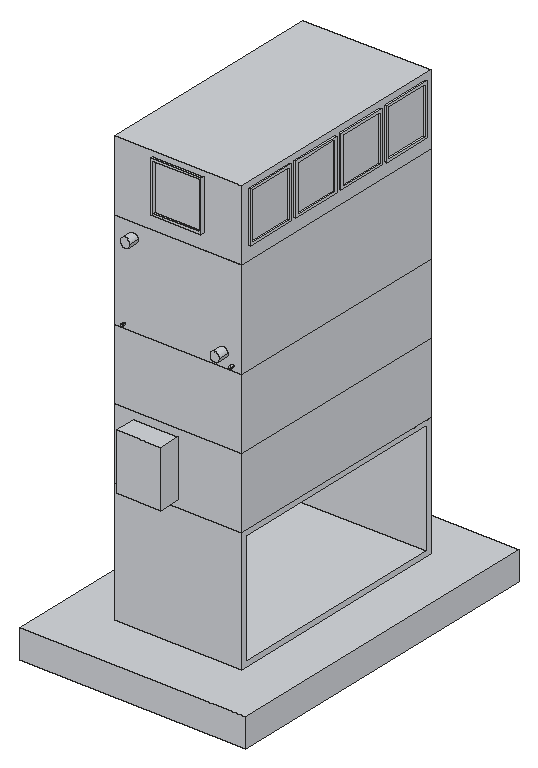
Revit family
Parameters
  Voltage [instance] = 480 V
  Unit Weight (lbs) = 4350
  Type Filter [instance] = "V-Bank"
  Type Fan [instance] = ""
  Type Coil = "DX Coil"
  Type Blower [instance] = ""
  Total Static Pressure [instance] = 0.00 in-wg
  Total Cooling Capacity [instance] = 0.0 Btu/h
  Temperature Drop [instance] = 0 °F
  Supply Offset = 0' - 4"
  Supply Air Pressure Drop [instance] = 0.00 in-wg
  Supply Air Outlet Flow [instance] = 0 CFM
  Supply Air Inlet Flow [instance] = 0 CFM
  Supply = 1' - 1"
  URL = "http://appliedair.com/index.asp"
  Size Grilles [instance] = "20x20"
  Size Filters [instance] = "20x20x2"
  Size Blowers [instance] = "18\"x13\""
  Series = "IFA"
  Rows Deep/FPI [instance] = "4/6"
  Right Coil Vertical Offset = 0' - 6"
  Right Coil Horizontal Offset = 0' - 8"
  Return Width Individual Opening = 2' - 7"
  Return Width = Nominal Length - 0' 4"  # 8' - 0"
  Return Height = 4' - 0"
  Return Air Pressure Drop [instance] = 0.00 in-wg
  Return Air Inlet Flow [instance] = 0 CFM
  Refrigerant Type [instance] = ""
  Refrigerant Supply Pressure [instance] = 0.00 psi
  Refrigerant Supply Flow [instance] = 0 GPM
  Refrigerant Return Pressure [instance] = 0.00 psi
  Refrigerant Return Flow [instance] = 0 GPM
  Refrigerant Charge (lbs) = 0
  Product URL = "http://appliedair.com/ifa.asp"
  Phase [instance] = 3
  OmniClass = "23-75 10 24 21 27 11"
  Number of Poles [instance] = 3
  Number of Motors [instance] = 0
  Number of Grills [instance] = 6
  Number of Filters [instance] = 30
  Number of Coils = 2
  Number of Blowers [instance] = 3
  Nominal Width = 4' - 6"
  Nominal Length = 8' - 4"
  Nominal Height = 15' - 4"
  Nominal Cooling Capacity Tons [instance] = 0
  Motor Amps [instance] = 0 A
  Model = "175 Cooling Only"
  Manufacturer = "Applied Air"
  Left Coil Vertical Offset = 0' - 6"
  Left Coil Horizontal Offset = 0' - 8"
  Grilles Height = 1' - 8"
  Grilles Width = 1' - 8"
  G = 2' - 6"
  Frequency = 60 Hz
  Feet Pressure Drop [instance] = 0' - 0"
  Face Velocity (FPM) [instance] = 0
  F = 3' - 6"
  E = 2' - 6"
  Drain Vertical Offset = 0' - 2"
  Drain Radius = 0' - 0 1/2"
  Drain Pressure Drop [instance] = 0.00 psi
  Drain Horizontal Offset = 0' - 4"
  Drain Flow [instance] = 0 GPM
  Disconnect Switch = yes
  Description = "Cooling Coil Air Turnover System"
  Default Elevation = 0' - 0"
  D = 2' - 6"
  Cooling Sensible Capacity [instance] = 0 Btu/h
  Cooling Leaving Air Temperature Wet Bulb [instance] = 0 °F
  Cooling Leaving Air Temperature Dry Bulb [instance] = 0 °F
  Cooling Entering Air Temperature Wet Bulb [instance] = 0 °F
  Cooling Entering Air Temperature Dry Bulb [instance] = 0 °F
  Control Cabinet Offset = 0' - 9 3/256"
  Coil Radius = 0' - 2"
  Coil Offset = 0' - 4 51/256"
  Coil Face Area [instance] = if(Choose Coil Option = 1, 14.67 SF, if(Choose Coil Option = 2, 18.34 SF, if(Choose Coil Option = 3, 20.17 SF, 0.00 SF)))  # 14.67 SF
  Coil Air Pressure Drop [instance] = 0
  Choose Coil Option = 1
  C = 4' - 4"
  Blower Motor Horsepower [instance] = 0
  Assembly Code = "D3030200"
  Apparent Power [instance] = (Motor Amps * Number of Motors) * Voltage * sqrt(3)  # 0 VA
  Ambient Temperature [instance] = 0 °F
  33x88 Coils = Choose Coil Option = 3  # no
  30x88 Coils = Choose Coil Option = 2  # no
  24x88 Coils = Choose Coil Option = 1  # yes
Reference planes (in)
  plane 1 "Center (Front/Back)": y = 0
  plane 2: z = 0
  plane 3 "Center (Left/Right)": x = 0
  plane 4: z = 52
  plane 5: z = 82
  plane 6: z = 112
  plane 7: z = 154
  plane 8: z = 184
  plane 9: y = 50
  plane 10: y = -50
  plane 11: x = 27
  plane 12: x = -27
  plane 13: z = 171
  plane 14: y = -51.2
  plane 15: y = 51.2
  plane 16: x = 28.1875
  plane 17: x = 19
  plane 18: x = -19
  plane 19: z = 118
  plane 20: z = 148
  plane 21: y = -54.19922
  plane 22: z = 79
  plane 23: z = 55
  plane 24: y = -59.01172
  plane 25: z = 114
  plane 26: x = 23
  plane 27: x = -23
Forms (in)
  Extrusion 1, solid
    sketch origin (0, 0, 0) x (1, 0, 0) y (0, 1, 0)
      loop
        line (-48, 70.58401) -> (-48, -73.9399) -> (48, -73.9399) -> (48, 70.58401) -> (-48, 70.58401)
    from 0 to -12
  Extrusion 2, solid
    sketch origin (0, 50, 0) x (1, 0, 0) y (0, 0, 1)
      loop
        line (-27, 0) -> (27, 0) -> (27, 52) -> (-27, 52) -> (-27, 0)
    from 0 to 100
  Extrusion 3, solid
    sketch origin (0, 50, 52) x (1, 0, 0) y (0, 0, 1)
      loop
        line (-27, 0) -> (27, 0) -> (27, 30) -> (-27, 30) -> (-27, 0)
    from 0 to 100
  Extrusion 4, solid
    sketch origin (0, 50, 82) x (1, 0, 0) y (0, 0, 1)
      loop
        line (-27, 0) -> (27, 0) -> (27, 30) -> (-27, 30) -> (-27, 0)
    from 0 to 100
  Extrusion 5, solid
    sketch origin (0, 50, 112) x (1, 0, 0) y (0, 0, 1)
      loop
        line (-27, 0) -> (27, 0) -> (27, 42) -> (-27, 42) -> (-27, 0)
    from 0 to 100
  Extrusion 6, solid
    sketch origin (0, 50, 154) x (1, 0, 0) y (0, 0, 1)
      loop
        line (-27, 0) -> (27, 0) -> (27, 30) -> (-27, 30) -> (-27, 0)
    from 0 to 100
  Extrusion 7, solid
    sketch origin (0, 0, 0) x (1, 0, 0) y (0, 0, 1)
      loop
        line (-10, 181) -> (-10, 161) -> (10, 161) -> (10, 181) -> (-10, 181)
      loop
        line (-10.75, 160.25) -> (10.75, 160.25) -> (10.75, 181.75) -> (-10.75, 181.75) -> (-10.75, 160.25)
    from 50 to 51.2
  Extrusion 8, solid
    sketch origin (0, 0, 0) x (1, 0, 0) y (0, 0, -1)
      loop
        line (-10, -181) -> (10, -181) -> (10, -161) -> (-10, -161) -> (-10, -181)
      loop
        line (-10.75, -160.25) -> (-10.75, -181.75) -> (10.75, -181.75) -> (10.75, -160.25) -> (-10.75, -160.25)
    from 50 to 51.2
  Extrusion 9, solid
    sketch origin (0, 0, 0) x (0, 1, 0) y (0, 0, 1)
      loop
        line (-46, 181) -> (-46, 161) -> (-26, 161) -> (-26, 181) -> (-46, 181)
      loop
        line (-22, 181) -> (-22, 161) -> (-2, 161) -> (-2, 181) -> (-22, 181)
      loop
        line (2, 181) -> (2, 161) -> (22, 161) -> (22, 181) -> (2, 181)
      loop
        line (26, 181) -> (26, 161) -> (46, 161) -> (46, 181) -> (26, 181)
      loop
        line (-46.75, 160.25) -> (-25.25, 160.25) -> (-25.25, 181.75) -> (-46.75, 181.75) -> (-46.75, 160.25)
      loop
        line (-22.75, 160.25) -> (-1.25, 160.25) -> (-1.25, 181.75) -> (-22.75, 181.75) -> (-22.75, 160.25)
      loop
        line (22.75, 160.25) -> (22.75, 181.75) -> (1.25, 181.75) -> (1.25, 160.25) -> (22.75, 160.25)
      loop
        line (25.25, 160.25) -> (46.75, 160.25) -> (46.75, 181.75) -> (25.25, 181.75) -> (25.25, 160.25)
    from 27 to 28.1875
  Extrusion 10, void
    sketch origin (0, 0, 0) x (0, 1, 0) y (0, 0, 1)
      loop
        line (-48, 2) -> (48, 2) -> (48, 50) -> (-48, 50) -> (-48, 2)
    from -27 to 27
  Extrusion 11, solid
    sketch origin (0, 0, 0) x (1, 0, 0) y (0, 0, 1)
      loop
        circle (-19, 148) r 2
      loop
        circle (19, 118) r 2
    from 50 to 54.19922
  Extrusion 12, solid
    sketch origin (0, 0, 0) x (1, 0, 0) y (0, 0, 1)
      loop
        line (-19, 55) -> (0, 55) -> (0, 79) -> (-19, 79) -> (-19, 55)
    from 50 to 59.01172
  Extrusion 13, solid
    sketch origin (0, 0, 0) x (1, 0, 0) y (0, 0, 1)
      loop
        circle (23, 114) r 0.5
      loop
        circle (-23, 114) r 0.5
    from 50 to 51.2
  Extrusion 14, solid
    sketch origin (0, 0, 1.5) x (1, 0, 0) y (0, 0, 1)
      loop
        line (-23, 79) -> (-23, 52) -> (23, 52) -> (23, 79) -> (-23, 79)
    from -51.2 to -50
Cuts and joins
  Extrusion 10 cuts Extrusion 2
Dimensions and locks (in)
  "C": plane 4 to plane 2
  "D": plane 5 to plane 4
  "E": plane 6 to plane 5
  "F": plane 7 to plane 6
  "G": plane 8 to plane 7
  locked: plane 14 to plane 10 at 1.2
  locked: plane 9 to plane 15 at 1.2
  "Nominal Length": plane 10 to plane 9
  "Nominal Width": plane 12 to plane 11
  equal spacing: plane 12, plane 3 "Center (Left/Right)", plane 11
  plane 8 to plane 2 = 15' - 4"
  locked: plane 11 to plane 16 at 1.1875
  "Supply": plane 8 to plane 13
  "Return Height": Extrusion 10 sketch curve to Extrusion 10 sketch curve
  "Right Coil Horizontal Offset": plane 17 to plane 11
  "Left Coil Horizontal Offset": plane 12 to plane 18
  "Right Coil Vertical Offset": plane 19 to plane 6
  "Left Coil Vertical Offset": plane 7 to plane 20
  locked: Extrusion 11 sketch curve to plane 18 at 0
  locked: Extrusion 11 sketch curve to plane 17 at 0
  locked: Extrusion 11 sketch curve to plane 19 at 0
  locked: Extrusion 11 sketch curve to plane 20 at 0
  "Coil Offset": plane 21 to plane 10
  locked: Extrusion 12 sketch curve to Extrusion 12 sketch curve at 19
  locked: plane 22 to plane 23 at 24
  locked: plane 5 to plane 22 at 3
  "Control Cabinet Offset": plane 24 to plane 10
  "Drain Vertical Offset": plane 25 to plane 6
  "Drain Horizontal Offset": plane 26 to plane 11
  "Drain Horizontal Offset": plane 12 to plane 27
  locked: Extrusion 13 sketch curve to plane 25 at 0  (x2)
  locked: Extrusion 13 sketch curve to plane 27 at 0
  locked: Extrusion 13 sketch curve to plane 26 at 0
  "Supply Offset": Extrusion 9 sketch curve to Extrusion 9 sketch curve  (x3)
  "Grilles Height": Extrusion 9 sketch curve to Extrusion 9 sketch curve  (x8)
  "Supply Offset": plane 10 to Extrusion 9 sketch curve
  equal spacing: Extrusion 9 sketch curve, plane 13, Extrusion 9 sketch curve  (x4)
  "Grilles Height": Extrusion 7 sketch curve to Extrusion 7 sketch curve  (x2)
  equal spacing: Extrusion 7 sketch curve, plane 13, Extrusion 7 sketch curve
  equal spacing: Extrusion 7 sketch curve, plane 3 "Center (Left/Right)", Extrusion 7 sketch curve
  equal spacing: Extrusion 8 sketch curve, plane 13, Extrusion 8 sketch curve
  "Grilles Height": Extrusion 8 sketch curve to Extrusion 8 sketch curve  (x2)
  equal spacing: Extrusion 8 sketch curve, plane 3 "Center (Left/Right)", Extrusion 8 sketch curve
  locked: Extrusion 14 sketch curve to plane 26 at 0
  locked: Extrusion 14 sketch curve to plane 4 at 1.5
  locked: Extrusion 14 sketch curve to plane 5 at 1.5
  locked: Extrusion 14 sketch curve to plane 27 at 0
  equal spacing: plane 10, plane 1 "Center (Front/Back)", plane 9
  "Coil Radius": radius of Extrusion 11 sketch curve  (x2)
  "Drain Radius": radius of Extrusion 13 sketch curve  (x2)
  aligned and locked: plane 2 to Extrusion 1
  aligned and locked: level to Extrusion 1
  aligned and locked: Extrusion 2 to plane 2
  aligned and locked: Extrusion 2 to plane 4
  aligned and locked: plane 4 to Extrusion 3
  aligned and locked: plane 5 to Extrusion 3
  aligned and locked: Extrusion 4 to plane 5
  aligned and locked: plane 6 to Extrusion 4
  aligned and locked: Extrusion 5 to plane 6
  aligned and locked: plane 7 to Extrusion 5
  aligned and locked: plane 8 to Extrusion 6
  aligned and locked: Extrusion 6 to plane 7
  aligned and locked: plane 9 to Extrusion 2
  aligned and locked: Extrusion 3 to plane 9
  aligned and locked: Extrusion 4 to plane 9
  aligned and locked: Extrusion 5 to plane 9
  aligned and locked: Extrusion 6 to plane 9
  aligned and locked: plane 10 to Extrusion 2
  aligned and locked: plane 10 to Extrusion 3
  aligned and locked: plane 10 to Extrusion 4
  aligned and locked: plane 10 to Extrusion 5
  aligned and locked: plane 10 to Extrusion 6
  aligned and locked: plane 11 to Extrusion 6
  aligned and locked: Extrusion 5 to plane 11
  aligned and locked: Extrusion 4 to plane 11
  aligned and locked: plane 11 to Extrusion 3
  aligned and locked: Extrusion 2 to plane 11
  aligned and locked: plane 12 to Extrusion 6
  aligned and locked: plane 12 to Extrusion 5
  aligned and locked: plane 12 to Extrusion 4
  aligned and locked: plane 12 to Extrusion 3
  aligned and locked: plane 12 to Extrusion 2
  aligned and locked: plane 14 to Extrusion 7
  aligned and locked: Extrusion 7 to plane 10
  aligned and locked: Extrusion 8 to plane 15
  aligned and locked: plane 11 to Extrusion 9
  aligned and locked: Extrusion 9 to plane 16
  aligned and locked: Extrusion 2 to Extrusion 10  (x2)
  aligned and locked: Extrusion 11 to plane 10
  aligned and locked: plane 21 to Extrusion 11
  aligned and locked: plane 22 to Extrusion 12 sketch curve
  aligned and locked: Extrusion 12 sketch curve to plane 23
  aligned and locked: Extrusion 12 to plane 10
  aligned and locked: plane 24 to Extrusion 12
  aligned and locked: plane 14 to Extrusion 13
  aligned and locked: Extrusion 4 to Extrusion 13
  aligned and locked: plane 15 to Extrusion 14
  aligned and locked: Extrusion 14 to Extrusion 3
Automatic sketch dimensions
  Extrusion 1 sketch curve to Extrusion 1 sketch curve = 8' - 0"
  Extrusion 1 sketch curve to Extrusion 1 sketch curve = 12' - 0.52391"
  Extrusion 2 sketch curve to level = 0' - 0"
  Extrusion 2 sketch curve to plane 12 = 0' - 0"
  Extrusion 2 sketch curve to plane 4 = 0' - 0"
  Extrusion 2 sketch curve to plane 11 = 0' - 0"
  Extrusion 3 sketch curve to plane 4 = 0' - 0"
  Extrusion 3 sketch curve to plane 12 = 0' - 0"
  Extrusion 3 sketch curve to plane 5 = 0' - 0"
  Extrusion 3 sketch curve to plane 11 = 0' - 0"
  Extrusion 4 sketch curve to plane 5 = 0' - 0"
  Extrusion 4 sketch curve to plane 12 = 0' - 0"
  Extrusion 4 sketch curve to plane 6 = 0' - 0"
  Extrusion 4 sketch curve to plane 11 = 0' - 0"
  Extrusion 5 sketch curve to plane 6 = 0' - 0"
  Extrusion 5 sketch curve to plane 12 = 0' - 0"
  Extrusion 5 sketch curve to plane 7 = 0' - 0"
  Extrusion 5 sketch curve to plane 11 = 0' - 0"
  Extrusion 6 sketch curve to plane 7 = 0' - 0"
  Extrusion 6 sketch curve to plane 12 = 0' - 0"
  Extrusion 6 sketch curve to plane 8 = 0' - 0"
  Extrusion 6 sketch curve to plane 11 = 0' - 0"
  Extrusion 12 sketch curve to plane 3 "Center (Left/Right)" = 0' - 0"
  Extrusion 9 sketch curve to Extrusion 9 sketch curve = 0' - 0 3/4"  (x16)
  Extrusion 7 sketch curve to Extrusion 7 sketch curve = 0' - 0 3/4"  (x4)
  Extrusion 8 sketch curve to Extrusion 8 sketch curve = 0' - 0 3/4"  (x4)
  Extrusion 10 sketch curve to plane 10 = 0' - 2"
  plane 9 to Extrusion 10 sketch curve = 0' - 2"
  level to Extrusion 10 sketch curve = 0' - 2"
Connectors (in)
  piping at (-19, -54.19922, 148), driven by "Coil Radius", driven by "Refrigerant Return Flow", driven by "Refrigerant Return Pressure"
    settings: on Extrusion 11, index 1
  piping at (19, -54.19922, 118), driven by "Coil Radius", driven by "Refrigerant Supply Flow", driven by "Refrigerant Supply Pressure"
    settings: on Extrusion 11, index 2
  hvac at (27, 0, 26), driven by "Return Height", driven by "Return Width", driven by "Return Air Inlet Flow"
    settings: on cut or joined group of Extrusion 2, Extrusion 10, index 3
  hvac at (-27, 0, 26), driven by "Return Height", driven by "Return Width", driven by "Supply Air Inlet Flow"
    settings: on cut or joined group of Extrusion 2, Extrusion 10, index 4
  piping at (23, -51.2, 114), driven by "Drain Radius", driven by "Drain Flow"
    settings: on Extrusion 13, index 6
  piping at (-23, -51.2, 114), driven by "Drain Radius", driven by "Drain Flow"
    settings: on Extrusion 13, index 7
  hvac at (0, -50, 171), driven by "Grilles Height", driven by "Grilles Width", driven by "Supply Air Outlet Flow"
    settings: on Extrusion 7, index 8
  hvac at (27, -36, 171), driven by "Grilles Height", driven by "Grilles Width", driven by "Supply Air Outlet Flow"
    settings: on Extrusion 9, index 9
  hvac at (27, 12, 171), driven by "Grilles Height", driven by "Grilles Width", driven by "Supply Air Outlet Flow"
    settings: on Extrusion 9, index 10
  hvac at (27, 36, 171), driven by "Grilles Height", driven by "Grilles Width", driven by "Supply Air Outlet Flow"
    settings: on Extrusion 9, index 11
  hvac at (27, -12, 171), driven by "Grilles Height", driven by "Grilles Width", driven by "Supply Air Outlet Flow"
    settings: on Extrusion 9, index 12
  hvac at (0, 50, 171), driven by "Grilles Height", driven by "Grilles Width", driven by "Supply Air Outlet Flow"
    settings: on Extrusion 8, index 13
  electrical at (-23, 50.6, 67), driven by "Number of Poles", driven by "Voltage", driven by "Apparent Power"
    settings: on Extrusion 14, index 14
